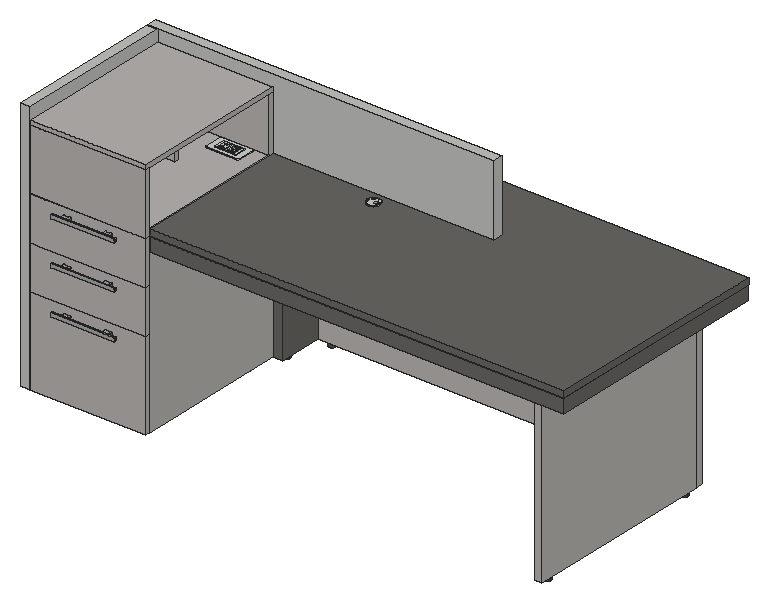
Revit family "Table-Teknion-CWRC_Reception_Classic_Desk-R2016", category Furniture, Revit 2018
Family settings
  OmniClass Number = 23.40.20.00
  OmniClass Title = General Furniture and Specialties
  Work Plane-Based = No
  Always vertical = Yes
  Cut with Voids When Loaded = No
  Shared = Yes
  Room Calculation Point = No
Parameters (values of type "Left, Box/Box/File Storage")
  Worksurface Finish [instance] = Wood - Teknion - DZ - Truffle
  Handle Finish [instance] = Paint - Teknion - Mica - Titanium Grey
  Grommet Offset [instance] = if(Width = 120", 26.258", if(Width = 108", 23.258", if(Width = 96", 20.258", 17.258")))  # 17.258"
  Divider Screen Finish [instance] = Laminate - Teknion - RV - Very White
  Base & Storage Finish [instance] = Veneer-Teknion-5S-Flintwood-Silverwash
  Width [instance] = 84"
  Warranty = "http://www.teknion.com/ca/papers/legal-canada"
  Unit Weight URL = "http://www.teknion.com/ca/tools/assets#&asset=bee6a381-b954-425e-8283-5a2de3a804f2,f828d448-4b62-4231-9e5f-9a8991c0ed77"
  URL = "www.teknion.com"
  To render, please download texture images found here [instance] = "https://assets.teknion.com/web/5e81352c1dfdb467/revit-material-swatches/"
  Sustainability Data = "https://www.teknion.com/ca/tools/assets#&topic=216f99a5-57a0-44fc-b10a-9dee9b29ae4c&asset=444deb64-fe58-4b68-981e-f75e97781df7,b4ff2d81-9f2e-437d-9659-7cffb09c31cf"
  Series = "Custom Wood"  # constant formula
  Screen Edge offset [instance] = if(Width = 84", 30", if(Width = 96", 36", if(Width = 108", 42", 48")))  # 30"
  Right = no
  RF = no
  RB = no
  Product Page URL = "https://www.teknion.com/ca/products/product-details?productLineId=0d82026f-8e7a-673b-a6c8-ff05004460c4"
  Product Line = "Reception"  # constant formula
  Product Documentation Link = "https://assets.teknion.com/m/148e0412a085a50e/original/Teknion-Reception-Sell-Sheet.pdf"
  Part Number = "CWRC"
  Overhang Offset [instance] = if(and(Overhang, not(Width = 84")), 18", 4")  # 4"
  Overhang Note [instance] = "Overhang option not available for 84 Inch Width"  # constant formula
  Overhang [instance] = no
  Model = "CWRC36_____LB"
  Manufacturer Phone = "416-661-3370"  # constant formula
  Manufacturer Fax = "416.661.4586"  # constant formula
  Manufacturer Contact Information = "http://www.teknion.com/ca/contactus"
  Manufacturer Address = "1150 Flint Road, Toronto, ON. M3J 2J5. Canada"  # constant formula
  Manufacturer = "Teknion"  # constant formula
  Left = yes
  LF = no
  LB = yes
  How To Use Teknion Materials User Guide [instance] = "https://assets.teknion.com/m/205dd0a49fa58060/original/How-to-add-a-Material-Library-and-Texture-Images-to-your-Revit-project.pdf"
  For Additional Finishes, please visit [instance] = "https://assets.teknion.com/m/44a8009b046e5d47/original/Teknion_Materials_Library.zip"
  Description = "Teknion Reception, Classic Desk, 36\" Depth, Left, Box/Box/File Storage"
  Depth = 36.803"  # constant formula
  Available Widths [instance] = if(Overhang, "96,108, and 120 Inches", "84, 96, 108, and 120 Inches")  # "84, 96, 108, and 120 Inches"
  Assembly Code = "E2020200"
Reference planes (in)
  plane 1 "Center Front/Back": y = 0
  plane 2: z = 0
  plane 3 "Center Left/Right": x = 0
  plane 4 "Left": x = -42
  plane 5 "Right": x = 42
  plane 6 "Back": y = 18.4015
  plane 7 "Front": y = -18.4015
  plane 8 "Top": z = 40
  plane 9: x = -38
  plane 10: x = 38
  plane 11: x = -12
  plane 12: x = 12
  plane 13: z = 0.5
  plane 14: z = 29.00043
  plane 15: z = 27.965
  plane 16: x = -5.258
  plane 17: x = 5.258
Forms (in)
  Sweep 1, solid, material "Laminate - Teknion - RV - Very White" <- "Divider Screen Finish", visible <- "Left"
    path origin (0, 0, 0) x (1, 0, 0) y (0, 0, 1)
      loop
        line (0, 0.5) -> (0, 40)
    profile origin (0, 0, 20.25) x (-1, 0, 0) y (0, -1, 0)
      loop
        line (42, -6.40165) -> (42, 18.4015) -> (40.46063, 18.4015) -> (40.46063, -6.40165) -> (42, -6.40165)
  Sweep 2, solid, material "Laminate - Teknion - RV - Very White" <- "Divider Screen Finish", visible <- "Right"
    path origin (0, 0, 0) x (1, 0, 0) y (0, 0, 1)
      loop
        line (0, 0.5) -> (0, 40)
    profile origin (0, 0, 20.25) x (-1, 0, 0) y (0, -1, 0)
      loop
        line (-42, -6.40165) -> (-40.46063, -6.40165) -> (-40.46063, 18.4015) -> (-42, 18.4015) -> (-42, -6.40165)
  Sweep 3, solid, material "Laminate - Teknion - RV - Very White" <- "Divider Screen Finish", visible <- "Left"
    path origin (0, 0, 0) x (1, 0, 0) y (0, 0, 1)
      loop
        line (0, 0.5) -> (0, 40)
    profile origin (0, 0, 20.25) x (-1, 0, 0) y (0, -1, 0)
      loop
        line (42, -7.94102) -> (42, -6.40165) -> (22.51575, -6.40165) -> (22.51575, -7.94102) -> (42, -7.94102)
  Sweep 4, solid, material "Laminate - Teknion - RV - Very White" <- "Divider Screen Finish", visible <- "Right"
    path origin (0, 0, 0) x (1, 0, 0) y (0, 0, 1)
      loop
        line (0, 0.5) -> (0, 40)
    profile origin (0, 0, 20.25) x (-1, 0, 0) y (0, -1, 0)
      loop
        line (-42, -7.94102) -> (-22.51575, -7.94102) -> (-22.51575, -6.40165) -> (-42, -6.40165) -> (-42, -7.94102)
  Sweep 5, solid, material "Wood - Teknion - DZ - Truffle" <- "Worksurface Finish", visible <- "Left"
    path origin (0, 0, 0) x (1, 0, 0) y (0, 0, 1)
      loop
        line (0, 0.5) -> (0, 27.965)
    profile origin (0, 0, 14.2325) x (-1, 0, 0) y (0, -1, 0)
      loop
        line (22.51575, -18.4015) -> (22.51575, -6.40165) -> (20.97638, -6.40165) -> (20.97638, -18.4015) -> (22.51575, -18.4015)
  Sweep 6, solid, material "Wood - Teknion - DZ - Truffle" <- "Worksurface Finish", visible <- "Right"
    path origin (0, 0, 0) x (1, 0, 0) y (0, 0, 1)
      loop
        line (0, 0.5) -> (0, 27.965)
    profile origin (0, 0, 14.2325) x (-1, 0, 0) y (0, -1, 0)
      loop
        line (-22.51575, -18.4015) -> (-20.97638, -18.4015) -> (-20.97638, -6.40165) -> (-22.51575, -6.40165) -> (-22.51575, -18.4015)
  Sweep 7, solid, material "Laminate - Teknion - RV - Very White" <- "Divider Screen Finish", visible <- "Left"
    path origin (0, 0, 0) x (1, 0, 0) y (0, 0, 1)
      loop
        line (0, 29.00043) -> (0, 40)
    profile origin (0, 0, 34.50022) x (-1, 0, 0) y (0, -1, 0)
      loop
        line (22.51575, -7.94102) -> (22.51575, -6.40165) -> (-12, -6.40165) -> (-12, -7.94102) -> (22.51575, -7.94102)
  Sweep 8, solid, material "Laminate - Teknion - RV - Very White" <- "Divider Screen Finish", visible <- "Right"
    path origin (0, 0, 0) x (1, 0, 0) y (0, 0, 1)
      loop
        line (0, 29.00043) -> (0, 40)
    profile origin (0, 0, 34.50022) x (-1, 0, 0) y (0, -1, 0)
      loop
        line (-22.51575, -7.94102) -> (12, -7.94102) -> (12, -6.40165) -> (-22.51575, -6.40165) -> (-22.51575, -7.94102)
  Sweep 9, solid, material "Wood - Teknion - DZ - Truffle" <- "Worksurface Finish", visible <- "Left"
    path origin (0, 0, 0) x (1, 0, 0) y (0, 0, 1)
      loop
        line (0, 27.965) -> (0, 29.00043)
    profile origin (0, 0, 28.48272) x (-1, 0, 0) y (0, -1, 0)
      loop
        line (22.51575, -18.4015) -> (22.51575, 17.59835) -> (-42, 17.59835) -> (-42, -18.4015) -> (22.51575, -18.4015)
  Sweep 10, solid, material "Wood - Teknion - DZ - Truffle" <- "Worksurface Finish", visible <- "Right"
    path origin (0, 0, 0) x (1, 0, 0) y (0, 0, 1)
      loop
        line (0, 27.965) -> (0, 29.00043)
    profile origin (0, 0, 28.48272) x (-1, 0, 0) y (0, -1, 0)
      loop
        line (-22.51575, -18.4015) -> (42, -18.4015) -> (42, 17.59835) -> (-22.51575, 17.59835) -> (-22.51575, -18.4015)
  Sweep 11, solid, material "Wood - Teknion - DZ - Truffle" <- "Worksurface Finish", visible <- "Left"
    path origin (0, 0, 0) x (1, 0, 0) y (0, 1, 0)
      loop
        line (-22.51575, -17.59835) -> (42, -17.59835) -> (42, 18.4015) -> (-20.97638, 18.4015)
    profile origin (9.74213, -17.59835, 0) x (0, 1, 0) y (0, 0, 1)
      loop
        line (0.29528, 27.965) -> (0.29528, 27.84646) -> (0.05906, 27.84646) -> (0.05906, 25.71457) -> (0.77953, 25.71457) -> (0.77953, 27.965) -> (0.29528, 27.965)
  Sweep 12, solid, material "Wood - Teknion - DZ - Truffle" <- "Worksurface Finish", visible <- "Right"
    path origin (0, 0, 0) x (1, 0, 0) y (0, 1, 0)
      loop
        line (22.51575, -17.59835) -> (-42, -17.59835) -> (-42, 18.4015) -> (20.97638, 18.4015)
    profile origin (-9.74213, -17.59835, 0) x (0, -1, 0) y (0, 0, 1)
      loop
        line (-0.77953, 27.965) -> (-0.77953, 25.71457) -> (-0.05906, 25.71457) -> (-0.05906, 27.84646) -> (-0.29528, 27.84646) -> (-0.29528, 27.965) -> (-0.77953, 27.965)
  Sweep 13, solid, material "Veneer-Teknion-5S-Flintwood-Silverwash" <- "Base & Storage Finish", visible <- "Left"
    path origin (0, 0, 0) x (1, 0, 0) y (0, 0, 1)
      loop
        line (0, 0.5) -> (0, 27.965)
    profile origin (0, 0, 14.2325) x (-1, 0, 0) y (0, -1, 0)
      loop
        line (20.97638, -14.40165) -> (20.97638, -13.36228) -> (-38, -13.36228) -> (-38, -14.40165) -> (20.97638, -14.40165)
  Sweep 14, solid, material "Veneer-Teknion-5S-Flintwood-Silverwash" <- "Base & Storage Finish", visible <- "Right"
    path origin (0, 0, 0) x (1, 0, 0) y (0, 0, 1)
      loop
        line (0, 0.5) -> (0, 27.965)
    profile origin (0, 0, 14.2325) x (-1, 0, 0) y (0, -1, 0)
      loop
        line (-20.97638, -14.40165) -> (38, -14.40165) -> (38, -13.36228) -> (-20.97638, -13.36228) -> (-20.97638, -14.40165)
  Sweep 15, solid, material "Veneer-Teknion-5S-Flintwood-Silverwash" <- "Base & Storage Finish", visible <- "Left"
    path origin (0, 0, 0) x (1, 0, 0) y (0, 0, 1)
      loop
        line (0, 0.5) -> (0, 27.965)
    profile origin (0, 0, 14.2325) x (-1, 0, 0) y (0, -1, 0)
      loop
        line (-36.96063, -13.36228) -> (-36.96063, 16.81882) -> (-38, 16.81882) -> (-38, -13.36228) -> (-36.96063, -13.36228)
  Sweep 16, solid, material "Veneer-Teknion-5S-Flintwood-Silverwash" <- "Base & Storage Finish", visible <- "Right"
    path origin (0, 0, 0) x (1, 0, 0) y (0, 0, 1)
      loop
        line (0, 0.5) -> (0, 27.965)
    profile origin (0, 0, 14.2325) x (-1, 0, 0) y (0, -1, 0)
      loop
        line (36.96063, -13.36228) -> (38, -13.36228) -> (38, 16.81882) -> (36.96063, 16.81882) -> (36.96063, -13.36228)
  Sweep 17, solid, material "Veneer-Teknion-5S-Flintwood-Silverwash" <- "Base & Storage Finish", visible <- "Left"
    path origin (0, 0, 0) x (1, 0, 0) y (0, 0, 1)
      loop
        line (0, 0.5) -> (0, 27.965)
    profile origin (0, 0, 14.2325) x (-1, 0, 0) y (0, -1, 0)
      loop
        line (23.24016, -6.40165) -> (23.24016, 17.59835) -> (22.51575, 17.59835) -> (22.51575, -6.40165) -> (23.24016, -6.40165)
      loop
        line (39.73622, -6.40165) -> (40.46063, -6.40165) -> (40.46063, 17.59835) -> (39.73622, 17.59835) -> (39.73622, -6.40165)
  Sweep 18, solid, material "Veneer-Teknion-5S-Flintwood-Silverwash" <- "Base & Storage Finish", visible <- "Right"
    path origin (0, 0, 0) x (1, 0, 0) y (0, 0, 1)
      loop
        line (0, 0.5) -> (0, 27.965)
    profile origin (0, 0, 14.2325) x (-1, 0, 0) y (0, -1, 0)
      loop
        line (-23.24016, -6.40165) -> (-22.51575, -6.40165) -> (-22.51575, 17.59835) -> (-23.24016, 17.59835) -> (-23.24016, -6.40165)
      loop
        line (-39.73622, -6.40165) -> (-39.73622, 17.59835) -> (-40.46063, 17.59835) -> (-40.46063, -6.40165) -> (-39.73622, -6.40165)
  Sweep 19, solid, material "Veneer-Teknion-5S-Flintwood-Silverwash" <- "Base & Storage Finish", visible <- "Left"
    path origin (0, 0, 0) x (1, 0, 0) y (0, 0, 1)
      loop
        line (0, 27.965) -> (0, 37.52559)
    profile origin (0, 0, 32.7453) x (-1, 0, 0) y (0, -1, 0)
      loop
        line (40.46063, -6.40165) -> (40.46063, 17.67709) -> (39.73622, 17.67709) -> (39.73622, -6.40165) -> (40.46063, -6.40165)
  Sweep 20, solid, material "Veneer-Teknion-5S-Flintwood-Silverwash" <- "Base & Storage Finish", visible <- "Right"
    path origin (0, 0, 0) x (1, 0, 0) y (0, 0, 1)
      loop
        line (0, 27.965) -> (0, 37.52559)
    profile origin (0, 0, 32.7453) x (-1, 0, 0) y (0, -1, 0)
      loop
        line (-40.46063, -6.40165) -> (-39.73622, -6.40165) -> (-39.73622, 17.67709) -> (-40.46063, 17.67709) -> (-40.46063, -6.40165)
  Sweep 21, solid, material "Veneer-Teknion-5S-Flintwood-Silverwash" <- "Base & Storage Finish", visible <- "Left"
    path origin (0, 0, 0) x (1, 0, 0) y (0, 0, 1)
      loop
        line (0, 27.965) -> (0, 29.00043)
    profile origin (0, 0, 28.48272) x (-1, 0, 0) y (0, -1, 0)
      loop
        line (39.73622, -5.67724) -> (39.73622, 17.67709) -> (22.51575, 17.67709) -> (22.51575, -5.67724) -> (39.73622, -5.67724)
  Sweep 22, solid, material "Veneer-Teknion-5S-Flintwood-Silverwash" <- "Base & Storage Finish", visible <- "Right"
    path origin (0, 0, 0) x (1, 0, 0) y (0, 0, 1)
      loop
        line (0, 27.965) -> (0, 29.00043)
    profile origin (0, 0, 28.48272) x (-1, 0, 0) y (0, -1, 0)
      loop
        line (-22.51575, -5.67724) -> (-22.51575, 17.67709) -> (-39.73622, 17.67709) -> (-39.73622, -5.67724) -> (-22.51575, -5.67724)
  Sweep 23, solid, material "Veneer-Teknion-5S-Flintwood-Silverwash" <- "Base & Storage Finish", visible <- "Left"
    path origin (0, 0, 0) x (1, 0, 0) y (0, 0, 1)
      loop
        line (0, 27.965) -> (0, 37.52559)
    profile origin (0, 0, 32.7453) x (-1, 0, 0) y (0, -1, 0)
      loop
        line (39.73622, -6.40165) -> (39.73622, -5.67724) -> (22.51575, -5.67724) -> (22.51575, -6.40165) -> (39.73622, -6.40165)
  Sweep 24, solid, material "Veneer-Teknion-5S-Flintwood-Silverwash" <- "Base & Storage Finish", visible <- "Right"
    path origin (0, 0, 0) x (1, 0, 0) y (0, 0, 1)
      loop
        line (0, 27.965) -> (0, 37.52559)
    profile origin (0, 0, 32.7453) x (-1, 0, 0) y (0, -1, 0)
      loop
        line (-39.73622, -5.67724) -> (-39.73622, -6.40165) -> (-22.51575, -6.40165) -> (-22.51575, -5.67724) -> (-39.73622, -5.67724)
  Sweep 25, solid, material "Veneer-Teknion-5S-Flintwood-Silverwash" <- "Base & Storage Finish", visible <- "Left"
    path origin (0, 0, 0) x (1, 0, 0) y (0, 0, 1)
      loop
        line (0, 37.52559) -> (0, 38.25)
    profile origin (0, 0, 37.8878) x (-1, 0, 0) y (0, -1, 0)
      loop
        line (40.46063, -6.40165) -> (40.46063, 18.4015) -> (22.51575, 18.4015) -> (22.51575, -6.40165) -> (40.46063, -6.40165)
  Sweep 26, solid, material "Veneer-Teknion-5S-Flintwood-Silverwash" <- "Base & Storage Finish", visible <- "Right"
    path origin (0, 0, 0) x (1, 0, 0) y (0, 0, 1)
      loop
        line (0, 37.52559) -> (0, 38.25)
    profile origin (0, 0, 37.8878) x (-1, 0, 0) y (0, -1, 0)
      loop
        line (-40.46063, -6.40165) -> (-22.51575, -6.40165) -> (-22.51575, 18.4015) -> (-40.46063, 18.4015) -> (-40.46063, -6.40165)
  Sweep 27, solid, material "Veneer-Teknion-5S-Flintwood-Silverwash" <- "Base & Storage Finish", visible <- "Left"
    path origin (0, 0, 0) x (1, 0, 0) y (0, 0, 1)
      loop
        line (0, 29.00043) -> (0, 37.52559)
    profile origin (0, 0, 33.26301) x (-1, 0, 0) y (0, -1, 0)
      loop
        line (39.73622, 2.14953) -> (39.73622, 2.67709) -> (30.48622, 2.67709) -> (30.48622, 2.14953) -> (39.73622, 2.14953)
  Sweep 28, solid, material "Veneer-Teknion-5S-Flintwood-Silverwash" <- "Base & Storage Finish", visible <- "Right"
    path origin (0, 0, 0) x (1, 0, 0) y (0, 0, 1)
      loop
        line (0, 29.00043) -> (0, 37.52559)
    profile origin (0, 0, 33.26301) x (-1, 0, 0) y (0, -1, 0)
      loop
        line (-39.73622, 2.14953) -> (-30.48622, 2.14953) -> (-30.48622, 2.67709) -> (-39.73622, 2.67709) -> (-39.73622, 2.14953)
  Sweep 29, solid, material "Veneer-Teknion-5S-Flintwood-Silverwash" <- "Base & Storage Finish", visible <- "Left"
    path origin (0, 0, 0) x (1, 0, 0) y (0, 0, 1)
      loop
        line (0, 32.99923) -> (0, 33.52679)
    profile origin (0, 0, 33.26301) x (-1, 0, 0) y (0, -1, 0)
      loop
        line (30.48622, 2.67709) -> (39.73622, 2.67709) -> (39.73622, 17.67709) -> (30.48622, 17.67709) -> (30.48622, 2.67709)
  Sweep 30, solid, material "Veneer-Teknion-5S-Flintwood-Silverwash" <- "Base & Storage Finish", visible <- "Right"
    path origin (0, 0, 0) x (1, 0, 0) y (0, 0, 1)
      loop
        line (0, 33.52679) -> (0, 32.99923)
    profile origin (0, 0, 33.26301) x (0, -1, 0) y (1, 0, 0)
      loop
        line (2.67709, 30.48622) -> (17.67709, 30.48622) -> (17.67709, 39.73622) -> (2.67709, 39.73622) -> (2.67709, 30.48622)
  Sweep 31, solid, material "Veneer-Teknion-5S-Flintwood-Silverwash" <- "Base & Storage Finish", visible <- "LB"
    path origin (0, 0, 0) x (1, 0, 0) y (0, 1, 0)
      loop
        line (0, -18.4015) -> (0, -17.67709)
    profile origin (0, -18.0393, 0) x (-1, 0, 0) y (0, 0, 1)
      loop
        line (40.46063, 37.52559) -> (22.51575, 37.52559) -> (22.51575, 27.965) -> (40.46063, 27.965) -> (40.46063, 37.52559)
      loop
        line (22.51575, 27.88626) -> (22.51575, 21.10432) -> (40.46063, 21.10432) -> (40.46063, 27.88626) -> (22.51575, 27.88626)
      loop
        line (40.46063, 21.01444) -> (22.51575, 21.01444) -> (22.51575, 14.2325) -> (40.46063, 14.2325) -> (40.46063, 21.01444)
      loop
        line (22.51575, 14.15376) -> (22.51575, 0.5) -> (40.46063, 0.5) -> (40.46063, 14.15376) -> (22.51575, 14.15376)
  Sweep 32, solid, material "Veneer-Teknion-5S-Flintwood-Silverwash" <- "Base & Storage Finish", visible <- "RB"
    path origin (0, 0, 0) x (1, 0, 0) y (0, 1, 0)
      loop
        line (0, -18.4015) -> (0, -17.67709)
    profile origin (0, -18.0393, 0) x (-1, 0, 0) y (0, 0, 1)
      loop
        line (-22.51575, 14.15376) -> (-40.46063, 14.15376) -> (-40.46063, 0.5) -> (-22.51575, 0.5) -> (-22.51575, 14.15376)
      loop
        line (-40.46063, 14.2325) -> (-22.51575, 14.2325) -> (-22.51575, 21.01444) -> (-40.46063, 21.01444) -> (-40.46063, 14.2325)
      loop
        line (-40.46063, 21.10432) -> (-22.51575, 21.10432) -> (-22.51575, 27.88626) -> (-40.46063, 27.88626) -> (-40.46063, 21.10432)
      loop
        line (-22.51575, 27.965) -> (-22.51575, 37.52559) -> (-40.46063, 37.52559) -> (-40.46063, 27.965) -> (-22.51575, 27.965)
  Sweep 33, solid, material "Veneer-Teknion-5S-Flintwood-Silverwash" <- "Base & Storage Finish", visible <- "LF"
    path origin (0, 0, 0) x (1, 0, 0) y (0, 1, 0)
      loop
        line (0, -18.4015) -> (0, -17.67709)
    profile origin (0, -18.0393, 0) x (-1, 0, 0) y (0, 0, 1)
      loop
        line (40.46063, 14.15376) -> (22.51575, 14.15376) -> (22.51575, 0.5) -> (40.46063, 0.5) -> (40.46063, 14.15376)
      loop
        line (22.51575, 27.88626) -> (22.51575, 14.2325) -> (40.46063, 14.2325) -> (40.46063, 27.88626) -> (22.51575, 27.88626)
      loop
        line (40.46063, 27.965) -> (40.46063, 37.52559) -> (22.51575, 37.52559) -> (22.51575, 27.965) -> (40.46063, 27.965)
  Sweep 34, solid, material "Veneer-Teknion-5S-Flintwood-Silverwash" <- "Base & Storage Finish", visible <- "RF"
    path origin (0, 0, 0) x (1, 0, 0) y (0, 1, 0)
      loop
        line (0, -18.4015) -> (0, -17.67709)
    profile origin (0, -18.0393, 0) x (-1, 0, 0) y (0, 0, 1)
      loop
        line (-22.51575, 14.15376) -> (-40.46063, 14.15376) -> (-40.46063, 0.5) -> (-22.51575, 0.5) -> (-22.51575, 14.15376)
      loop
        line (-40.46063, 14.2325) -> (-22.51575, 14.2325) -> (-22.51575, 27.88626) -> (-40.46063, 27.88626) -> (-40.46063, 14.2325)
      loop
        line (-40.46063, 37.52559) -> (-40.46063, 27.965) -> (-22.51575, 27.965) -> (-22.51575, 37.52559) -> (-40.46063, 37.52559)
  Sweep 35, solid, material "Veneer-Teknion-5S-Flintwood-Silverwash" <- "Base & Storage Finish", visible <- "Left"
    path origin (0, 0, 0) x (1, 0, 0) y (0, 1, 0)
      loop
        line (-23.24016, 0) -> (-39.73622, 0)
    profile origin (-31.48819, 0, 0) x (0, -1, 0) y (0, 0, 1)
      loop
        line (-3.67724, 1.22441) -> (-3.67724, 0.5) -> (17.59835, 0.5) -> (17.59835, 1.22441) -> (-3.67724, 1.22441)
      loop
        line (-4.40165, 27.24059) -> (17.59835, 27.24059) -> (17.59835, 27.965) -> (-4.40165, 27.965) -> (-4.40165, 27.24059)
  Sweep 36, solid, material "Veneer-Teknion-5S-Flintwood-Silverwash" <- "Base & Storage Finish", visible <- "Right"
    path origin (0, 0, 0) x (1, 0, 0) y (0, 1, 0)
      loop
        line (23.24016, 0) -> (39.73622, 0)
    profile origin (31.48819, 0, 0) x (0, 1, 0) y (0, 0, 1)
      loop
        line (4.40165, 27.24059) -> (4.40165, 27.965) -> (-17.59835, 27.965) -> (-17.59835, 27.24059) -> (4.40165, 27.24059)
      loop
        line (-17.59835, 1.22441) -> (-17.59835, 0.5) -> (3.67724, 0.5) -> (3.67724, 1.22441) -> (-17.59835, 1.22441)
  Sweep 37, solid, material "Veneer-Teknion-5S-Flintwood-Silverwash" <- "Base & Storage Finish", visible <- "Left"
    path origin (0, 0, 0) x (1, 0, 0) y (0, 0, 1)
      loop
        line (0, 0.5) -> (0, 27.24059)
    profile origin (0, 0, 13.8703) x (-1, 0, 0) y (0, -1, 0)
      loop
        line (39.73622, -4.40165) -> (39.73622, -3.67724) -> (23.24016, -3.67724) -> (23.24016, -4.40165) -> (39.73622, -4.40165)
  Sweep 38, solid, material "Veneer-Teknion-5S-Flintwood-Silverwash" <- "Base & Storage Finish", visible <- "Right"
    path origin (0, 0, 0) x (1, 0, 0) y (0, 0, 1)
      loop
        line (0, 0.5) -> (0, 27.24059)
    profile origin (0, 0, 13.8703) x (-1, 0, 0) y (0, -1, 0)
      loop
        line (-23.24016, -4.40165) -> (-23.24016, -3.67724) -> (-39.73622, -3.67724) -> (-39.73622, -4.40165) -> (-23.24016, -4.40165)
  Sweep 39, solid, material "Plastic - Teknion - E - Ebony", visible <- "Left"
    path origin (0, 0, 0) x (1, 0, 0) y (0, 0, 1)
      loop
        line (0, 0) -> (0, 0.5)
    profile origin (0, 0, 0.25) x (-1, 0, 0) y (0, -1, 0)
      loop
        circle (41.23031, 16.62985) r 0.5
      loop
        circle (39.39173, 15.74796) r 0.5
      loop
        circle (41.23031, -4.63) r 0.5
      loop
        circle (40.22835, -7.17133) r 0.5
      loop
        circle (39.39173, -2.62921) r 0.5
      loop
        circle (23.58465, 15.74796) r 0.5
      loop
        circle (23.58465, -2.62921) r 0.5
      loop
        circle (24.2874, -7.17133) r 0.5
      loop
        circle (21.74606, -8.1733) r 0.5
      loop
        circle (21.74606, -16.63) r 0.5
      loop
        circle (19.20472, -13.88196) r 0.5
      loop
        circle (-36.22835, -13.88196) r 0.5
      loop
        circle (-37.48031, -11.59063) r 0.5
      loop
        circle (-37.48031, 15.04717) r 0.5
  Sweep 40, solid, material "Plastic - Teknion - E - Ebony", visible <- "Right"
    path origin (0, 0, 0) x (1, 0, 0) y (0, 0, 1)
      loop
        line (0, 0) -> (0, 0.5)
    profile origin (0, 0, 0.25) x (-1, 0, 0) y (0, -1, 0)
      loop
        circle (-41.23031, 16.62985) r 0.5
      loop
        circle (-39.39173, 15.74796) r 0.5
      loop
        circle (-41.23031, -4.63) r 0.5
      loop
        circle (-40.22835, -7.17133) r 0.5
      loop
        circle (-39.39173, -2.62921) r 0.5
      loop
        circle (-23.58465, 15.74796) r 0.5
      loop
        circle (-23.58465, -2.62921) r 0.5
      loop
        circle (-24.2874, -7.17133) r 0.5
      loop
        circle (-21.74606, -8.1733) r 0.5
      loop
        circle (-21.74606, -16.63) r 0.5
      loop
        circle (-19.20472, -13.88196) r 0.5
      loop
        circle (36.22835, -13.88196) r 0.5
      loop
        circle (37.48031, -11.59063) r 0.5
      loop
        circle (37.48031, 15.04717) r 0.5
  Sweep 41, solid, material "Veneer-Teknion-5S-Flintwood-Silverwash" <- "Base & Storage Finish", visible <- "Left"
    path origin (0, 0, 0) x (1, 0, 0) y (0, 1, 0)
      loop
        line (0, -0.11425) -> (0, 0.91725)
    profile origin (0, 0.4015, 0) x (-1, 0, 0) y (0, 0, 1)
      loop
        line (22.51575, 27.965) -> (-36.96063, 27.965) -> (-36.96063, 25.71457) -> (22.51575, 25.71457) -> (22.51575, 27.965)
      loop
        line (-38, 27.965) -> (-41.22047, 27.965) -> (-41.22047, 25.71457) -> (-38, 25.71457) -> (-38, 27.965)
  Sweep 42, solid, material "Veneer-Teknion-5S-Flintwood-Silverwash" <- "Base & Storage Finish", visible <- "Right"
    path origin (0, 0, 0) x (1, 0, 0) y (0, 1, 0)
      loop
        line (0, -0.11425) -> (0, 0.91725)
    profile origin (0, 0.4015, 0) x (-1, 0, 0) y (0, 0, 1)
      loop
        line (41.22047, 27.965) -> (38, 27.965) -> (38, 25.71457) -> (41.22047, 25.71457) -> (41.22047, 27.965)
      loop
        line (36.96063, 27.965) -> (-22.51575, 27.965) -> (-22.51575, 25.71457) -> (36.96063, 25.71457) -> (36.96063, 27.965)
  Sweep 43, solid, material "Paint - Teknion - Mica - Titanium Grey" <- "Handle Finish", visible <- "Left"
    path origin (0, 0, 0) x (1, 0, 0) y (0, 1, 0)
      loop
        line (0, -18.4015) -> (0, -19.11591)
    profile origin (0, -18.75871, 0) x (1, 0, 0) y (0, 0, 1)
      loop
        line (-35.11024, 26.38262) -> (-34.32283, 26.38262)
        arc (-34.32283, 26.38262) -> (-34.22183, 26.42445) -> (-34.18, 26.52545) r 0.14284
        line (-34.18, 26.52545) -> (-34.18, 26.64864)
        arc (-34.18, 26.64864) -> (-34.22183, 26.74964) -> (-34.32283, 26.79148) r 0.14284
        line (-34.32283, 26.79148) -> (-35.11024, 26.79148)
        arc (-35.11024, 26.79148) -> (-35.21124, 26.74964) -> (-35.25307, 26.64864) r 0.14284
        line (-35.25307, 26.64864) -> (-35.25307, 26.52545)
        arc (-35.25307, 26.52545) -> (-35.21124, 26.42445) -> (-35.11024, 26.38262) r 0.14284
      loop
        arc (-27.86614, 26.38262) -> (-27.76514, 26.42445) -> (-27.72331, 26.52545) r 0.14284
        line (-27.72331, 26.52545) -> (-27.72331, 26.64864)
        arc (-27.72331, 26.64864) -> (-27.76514, 26.74964) -> (-27.86614, 26.79148) r 0.14284
        line (-27.86614, 26.79148) -> (-28.65354, 26.79148)
        arc (-28.65354, 26.79148) -> (-28.75454, 26.74964) -> (-28.79638, 26.64864) r 0.14284
        line (-28.79638, 26.64864) -> (-28.79638, 26.52545)
        arc (-28.79638, 26.52545) -> (-28.75454, 26.42445) -> (-28.65354, 26.38262) r 0.14284
        line (-28.65354, 26.38262) -> (-27.86614, 26.38262)
      loop
        line (-35.11024, 12.65012) -> (-34.32283, 12.65012)
        arc (-34.32283, 12.65012) -> (-34.22183, 12.69195) -> (-34.18, 12.79295) r 0.14284
        line (-34.18, 12.79295) -> (-34.18, 12.91614)
        arc (-34.18, 12.91614) -> (-34.22183, 13.01714) -> (-34.32283, 13.05898) r 0.14284
        line (-34.32283, 13.05898) -> (-35.11024, 13.05898)
        arc (-35.11024, 13.05898) -> (-35.21124, 13.01714) -> (-35.25307, 12.91614) r 0.14284
        line (-35.25307, 12.91614) -> (-35.25307, 12.79295)
        arc (-35.25307, 12.79295) -> (-35.21124, 12.69195) -> (-35.11024, 12.65012) r 0.14284
      loop
        arc (-27.86614, 12.65012) -> (-27.76514, 12.69195) -> (-27.72331, 12.79295) r 0.14284
        line (-27.72331, 12.79295) -> (-27.72331, 12.91614)
        arc (-27.72331, 12.91614) -> (-27.76514, 13.01714) -> (-27.86614, 13.05898) r 0.14284
        line (-27.86614, 13.05898) -> (-28.65354, 13.05898)
        arc (-28.65354, 13.05898) -> (-28.75454, 13.01714) -> (-28.79638, 12.91614) r 0.14284
        line (-28.79638, 12.91614) -> (-28.79638, 12.79295)
        arc (-28.79638, 12.79295) -> (-28.75454, 12.69195) -> (-28.65354, 12.65012) r 0.14284
        line (-28.65354, 12.65012) -> (-27.86614, 12.65012)
  Sweep 44, solid, material "Paint - Teknion - Mica - Titanium Grey" <- "Handle Finish", visible <- "Right"
    path origin (0, 0, 0) x (1, 0, 0) y (0, 1, 0)
      loop
        line (0, -19.11591) -> (0, -18.4015)
    profile origin (0, -18.75871, 0) x (-1, 0, 0) y (0, 0, 1)
      loop
        line (-35.11024, 26.38262) -> (-34.32283, 26.38262)
        arc (-34.32283, 26.38262) -> (-34.22183, 26.42445) -> (-34.18, 26.52545) r 0.14284
        line (-34.18, 26.52545) -> (-34.18, 26.64864)
        arc (-34.18, 26.64864) -> (-34.22183, 26.74964) -> (-34.32283, 26.79148) r 0.14284
        line (-34.32283, 26.79148) -> (-35.11024, 26.79148)
        arc (-35.11024, 26.79148) -> (-35.21124, 26.74964) -> (-35.25307, 26.64864) r 0.14284
        line (-35.25307, 26.64864) -> (-35.25307, 26.52545)
        arc (-35.25307, 26.52545) -> (-35.21124, 26.42445) -> (-35.11024, 26.38262) r 0.14284
      loop
        line (-28.65354, 26.38262) -> (-27.86614, 26.38262)
        arc (-27.86614, 26.38262) -> (-27.76514, 26.42445) -> (-27.72331, 26.52545) r 0.14284
        line (-27.72331, 26.52545) -> (-27.72331, 26.64864)
        arc (-27.72331, 26.64864) -> (-27.76514, 26.74964) -> (-27.86614, 26.79148) r 0.14284
        line (-27.86614, 26.79148) -> (-28.65354, 26.79148)
        arc (-28.65354, 26.79148) -> (-28.75454, 26.74964) -> (-28.79638, 26.64864) r 0.14284
        line (-28.79638, 26.64864) -> (-28.79638, 26.52545)
        arc (-28.79638, 26.52545) -> (-28.75454, 26.42445) -> (-28.65354, 26.38262) r 0.14284
      loop
        line (-35.11024, 12.65012) -> (-34.32283, 12.65012)
        arc (-34.32283, 12.65012) -> (-34.22183, 12.69195) -> (-34.18, 12.79295) r 0.14284
        line (-34.18, 12.79295) -> (-34.18, 12.91614)
        arc (-34.18, 12.91614) -> (-34.22183, 13.01714) -> (-34.32283, 13.05898) r 0.14284
        line (-34.32283, 13.05898) -> (-35.11024, 13.05898)
        arc (-35.11024, 13.05898) -> (-35.21124, 13.01714) -> (-35.25307, 12.91614) r 0.14284
        line (-35.25307, 12.91614) -> (-35.25307, 12.79295)
        arc (-35.25307, 12.79295) -> (-35.21124, 12.69195) -> (-35.11024, 12.65012) r 0.14284
      loop
        line (-28.65354, 12.65012) -> (-27.86614, 12.65012)
        arc (-27.86614, 12.65012) -> (-27.76514, 12.69195) -> (-27.72331, 12.79295) r 0.14284
        line (-27.72331, 12.79295) -> (-27.72331, 12.91614)
        arc (-27.72331, 12.91614) -> (-27.76514, 13.01714) -> (-27.86614, 13.05898) r 0.14284
        line (-27.86614, 13.05898) -> (-28.65354, 13.05898)
        arc (-28.65354, 13.05898) -> (-28.75454, 13.01714) -> (-28.79638, 12.91614) r 0.14284
        line (-28.79638, 12.91614) -> (-28.79638, 12.79295)
        arc (-28.79638, 12.79295) -> (-28.75454, 12.69195) -> (-28.65354, 12.65012) r 0.14284
  Sweep 45, solid, material "Paint - Teknion - Mica - Titanium Grey" <- "Handle Finish", visible <- "LB"
    path origin (0, 0, 0) x (1, 0, 0) y (0, 1, 0)
      loop
        line (0, -18.4015) -> (0, -19.11591)
    profile origin (0, -18.75871, 0) x (1, 0, 0) y (0, 0, 1)
      loop
        line (-35.11024, 19.5108) -> (-34.32283, 19.5108)
        arc (-34.32283, 19.5108) -> (-34.22183, 19.55264) -> (-34.18, 19.65364) r 0.14284
        line (-34.18, 19.65364) -> (-34.18, 19.77682)
        arc (-34.18, 19.77682) -> (-34.22183, 19.87782) -> (-34.32283, 19.91966) r 0.14284
        line (-34.32283, 19.91966) -> (-35.11024, 19.91966)
        arc (-35.11024, 19.91966) -> (-35.21124, 19.87782) -> (-35.25307, 19.77682) r 0.14284
        line (-35.25307, 19.77682) -> (-35.25307, 19.65364)
        arc (-35.25307, 19.65364) -> (-35.21124, 19.55264) -> (-35.11024, 19.5108) r 0.14284
      loop
        arc (-27.86614, 19.5108) -> (-27.76514, 19.55264) -> (-27.72331, 19.65364) r 0.14284
        line (-27.72331, 19.65364) -> (-27.72331, 19.77682)
        arc (-27.72331, 19.77682) -> (-27.76514, 19.87782) -> (-27.86614, 19.91966) r 0.14284
        line (-27.86614, 19.91966) -> (-28.65354, 19.91966)
        arc (-28.65354, 19.91966) -> (-28.75454, 19.87782) -> (-28.79638, 19.77682) r 0.14284
        line (-28.79638, 19.77682) -> (-28.79638, 19.65364)
        arc (-28.79638, 19.65364) -> (-28.75454, 19.55264) -> (-28.65354, 19.5108) r 0.14284
        line (-28.65354, 19.5108) -> (-27.86614, 19.5108)
  Sweep 46, solid, material "Paint - Teknion - Mica - Titanium Grey" <- "Handle Finish", visible <- "RB"
    path origin (0, 0, 0) x (1, 0, 0) y (0, 1, 0)
      loop
        line (0, -18.4015) -> (0, -19.11591)
    profile origin (0, -18.75871, 0) x (1, 0, 0) y (0, 0, 1)
      loop
        arc (34.32283, 19.91966) -> (34.22183, 19.87782) -> (34.18, 19.77682) r 0.14284
        line (34.18, 19.77682) -> (34.18, 19.65364)
        arc (34.18, 19.65364) -> (34.22183, 19.55264) -> (34.32283, 19.5108) r 0.14284
        line (34.32283, 19.5108) -> (35.11024, 19.5108)
        arc (35.11024, 19.5108) -> (35.21124, 19.55264) -> (35.25307, 19.65364) r 0.14284
        line (35.25307, 19.65364) -> (35.25307, 19.77682)
        arc (35.25307, 19.77682) -> (35.21124, 19.87782) -> (35.11024, 19.91966) r 0.14284
        line (35.11024, 19.91966) -> (34.32283, 19.91966)
      loop
        arc (27.86614, 19.91966) -> (27.76514, 19.87782) -> (27.72331, 19.77682) r 0.14284
        line (27.72331, 19.77682) -> (27.72331, 19.65364)
        arc (27.72331, 19.65364) -> (27.76514, 19.55264) -> (27.86614, 19.5108) r 0.14284
        line (27.86614, 19.5108) -> (28.65354, 19.5108)
        arc (28.65354, 19.5108) -> (28.75454, 19.55264) -> (28.79638, 19.65364) r 0.14284
        line (28.79638, 19.65364) -> (28.79638, 19.77682)
        arc (28.79638, 19.77682) -> (28.75454, 19.87782) -> (28.65354, 19.91966) r 0.14284
        line (28.65354, 19.91966) -> (27.86614, 19.91966)
  Sweep 47, solid, material "Paint - Teknion - Mica - Titanium Grey" <- "Handle Finish", visible <- "Left"
    path origin (0, 0, 0) x (1, 0, 0) y (0, 1, 0)
      loop
        line (0, -19.40544) -> (0, -19.11591)
    profile origin (0, -19.26068, 0) x (-1, 0, 0) y (0, 0, 1)
      loop
        line (36.35039, 26.86264) -> (26.62598, 26.86264)
        arc (26.62598, 26.86264) -> (26.52855, 26.82228) -> (26.48819, 26.72484) r 0.1378
        line (26.48819, 26.72484) -> (26.48819, 26.44925)
        arc (26.48819, 26.44925) -> (26.52855, 26.35182) -> (26.62598, 26.31146) r 0.1378
        line (26.62598, 26.31146) -> (36.35039, 26.31146)
        arc (36.35039, 26.31146) -> (36.44783, 26.35182) -> (36.48819, 26.44925) r 0.1378
        line (36.48819, 26.44925) -> (36.48819, 26.72484)
        arc (36.48819, 26.72484) -> (36.44783, 26.82228) -> (36.35039, 26.86264) r 0.1378
      loop
        line (36.35039, 13.13014) -> (26.62598, 13.13014)
        arc (26.62598, 13.13014) -> (26.52855, 13.08978) -> (26.48819, 12.99234) r 0.1378
        line (26.48819, 12.99234) -> (26.48819, 12.71675)
        arc (26.48819, 12.71675) -> (26.52855, 12.61932) -> (26.62598, 12.57896) r 0.1378
        line (26.62598, 12.57896) -> (36.35039, 12.57896)
        arc (36.35039, 12.57896) -> (36.44783, 12.61932) -> (36.48819, 12.71675) r 0.1378
        line (36.48819, 12.71675) -> (36.48819, 12.99234)
        arc (36.48819, 12.99234) -> (36.44783, 13.08978) -> (36.35039, 13.13014) r 0.1378
  Sweep 48, solid, material "Paint - Teknion - Mica - Titanium Grey" <- "Handle Finish", visible <- "LB"
    path origin (0, 0, 0) x (1, 0, 0) y (0, 1, 0)
      loop
        line (0, -19.11591) -> (0, -19.40544)
    profile origin (0, -19.26068, 0) x (1, 0, 0) y (0, 0, 1)
      loop
        line (-36.35039, 19.43964) -> (-26.62598, 19.43964)
        arc (-26.62598, 19.43964) -> (-26.52855, 19.48) -> (-26.48819, 19.57744) r 0.1378
        line (-26.48819, 19.57744) -> (-26.48819, 19.85303)
        arc (-26.48819, 19.85303) -> (-26.52855, 19.95046) -> (-26.62598, 19.99082) r 0.1378
        line (-26.62598, 19.99082) -> (-36.35039, 19.99082)
        arc (-36.35039, 19.99082) -> (-36.44783, 19.95046) -> (-36.48819, 19.85303) r 0.1378
        line (-36.48819, 19.85303) -> (-36.48819, 19.57744)
        arc (-36.48819, 19.57744) -> (-36.44783, 19.48) -> (-36.35039, 19.43964) r 0.1378
  Sweep 49, solid, material "Paint - Teknion - Mica - Titanium Grey" <- "Handle Finish", visible <- "RB"
    path origin (0, 0, 0) x (1, 0, 0) y (0, 1, 0)
      loop
        line (0, -19.40544) -> (0, -19.11591)
    profile origin (0, -19.26068, 0) x (-1, 0, 0) y (0, 0, 1)
      loop
        line (-36.35039, 19.43964) -> (-26.62598, 19.43964)
        arc (-26.62598, 19.43964) -> (-26.52855, 19.48) -> (-26.48819, 19.57744) r 0.1378
        line (-26.48819, 19.57744) -> (-26.48819, 19.85303)
        arc (-26.48819, 19.85303) -> (-26.52855, 19.95046) -> (-26.62598, 19.99082) r 0.1378
        line (-26.62598, 19.99082) -> (-36.35039, 19.99082)
        arc (-36.35039, 19.99082) -> (-36.44783, 19.95046) -> (-36.48819, 19.85303) r 0.1378
        line (-36.48819, 19.85303) -> (-36.48819, 19.57744)
        arc (-36.48819, 19.57744) -> (-36.44783, 19.48) -> (-36.35039, 19.43964) r 0.1378
  Sweep 50, solid, material "Paint - Teknion - Mica - Titanium Grey" <- "Handle Finish", visible <- "Right"
    path origin (0, 0, 0) x (1, 0, 0) y (0, 1, 0)
      loop
        line (0, -19.11591) -> (0, -19.40544)
    profile origin (0, -19.26068, 0) x (1, 0, 0) y (0, 0, 1)
      loop
        arc (36.35039, 26.31146) -> (36.44783, 26.35182) -> (36.48819, 26.44925) r 0.1378
        line (36.48819, 26.44925) -> (36.48819, 26.72484)
        arc (36.48819, 26.72484) -> (36.44783, 26.82228) -> (36.35039, 26.86264) r 0.1378
        line (36.35039, 26.86264) -> (26.62598, 26.86264)
        arc (26.62598, 26.86264) -> (26.52855, 26.82228) -> (26.48819, 26.72484) r 0.1378
        line (26.48819, 26.72484) -> (26.48819, 26.44925)
        arc (26.48819, 26.44925) -> (26.52855, 26.35182) -> (26.62598, 26.31146) r 0.1378
        line (26.62598, 26.31146) -> (36.35039, 26.31146)
      loop
        arc (36.35039, 12.57896) -> (36.44783, 12.61932) -> (36.48819, 12.71675) r 0.1378
        line (36.48819, 12.71675) -> (36.48819, 12.99234)
        arc (36.48819, 12.99234) -> (36.44783, 13.08978) -> (36.35039, 13.13014) r 0.1378
        line (36.35039, 13.13014) -> (26.62598, 13.13014)
        arc (26.62598, 13.13014) -> (26.52855, 13.08978) -> (26.48819, 12.99234) r 0.1378
        line (26.48819, 12.99234) -> (26.48819, 12.71675)
        arc (26.48819, 12.71675) -> (26.52855, 12.61932) -> (26.62598, 12.57896) r 0.1378
        line (26.62598, 12.57896) -> (36.35039, 12.57896)
  Sweep 51, void
    path origin (0, 0, 0) x (1, 0, 0) y (0, 0, 1)
      loop
        line (-5.258, 27.965) -> (-5.258, 29.00043)
    profile origin (-5.258, 0, 28.48272) x (-1, 0, 0) y (0, -1, 0)
      loop
        circle (0, -4.49417) r 1.01181
  Sweep 52, void
    path origin (0, 0, 0) x (1, 0, 0) y (0, 0, 1)
      loop
        line (5.258, 29.00043) -> (5.258, 27.965)
    profile origin (5.258, 0, 28.48272) x (0, -1, 0) y (1, 0, 0)
      loop
        circle (-4.49417, 0) r 1.01181
  Sweep 53, solid, material "Plastic - Teknion - 30 - Grey", visible <- "Left"
    path origin (0, 0, 0) x (1, 0, 0) y (0, 0, 1)
      loop
        line (0, 29.00043) -> (0, 29.10705)
    profile origin (0, 0, 29.05374) x (-1, 0, 0) y (0, -1, 0)
      loop
        line (24.92677, -5.40559) -> (29.55571, -5.40559)
        arc (29.55571, -5.40559) -> (29.73249, -5.33236) -> (29.80571, -5.15559) r 0.25
        line (29.80571, -5.15559) -> (29.80571, -2.65559)
        arc (29.80571, -2.65559) -> (29.73249, -2.47881) -> (29.55571, -2.40559) r 0.25
        line (29.55571, -2.40559) -> (24.92677, -2.40559)
        arc (24.92677, -2.40559) -> (24.74999, -2.47881) -> (24.67677, -2.65559) r 0.25
        line (24.67677, -2.65559) -> (24.67677, -5.15559)
        arc (24.67677, -5.15559) -> (24.74999, -5.33236) -> (24.92677, -5.40559) r 0.25
  Sweep 54, solid, material "Plastic - Teknion - 30 - Grey", visible <- "Left"
    path origin (0, 0, 0) x (1, 0, 0) y (0, 0, 1)
      loop
        line (0, 29.10705) -> (0, 29.16827)
    profile origin (0, 0, 29.13766) x (-1, 0, 0) y (0, -1, 0)
      loop
        line (28.8649, -4.7747) -> (28.8649, -3.0541) -> (25.63155, -3.0541) -> (25.63155, -4.7747) -> (28.8649, -4.7747)
  Sweep 55, solid, material "Plastic - Teknion - 30 - Grey", visible <- "Left"
    path origin (0, 0, 0) x (1, 0, 0) y (0, 0, 1)
      loop
        line (0, 29.16827) -> (0, 29.22233)
    profile origin (0, 0, 29.1953) x (-1, 0, 0) y (0, -1, 0)
      loop
        line (28.52669, -4.45297) -> (28.52669, -3.37084) -> (27.4432, -3.37084) -> (27.4432, -4.45297) -> (28.52669, -4.45297)
      loop
        line (27.04405, -4.45297) -> (27.04405, -3.37084) -> (25.96057, -3.37084) -> (25.96057, -4.45297) -> (27.04405, -4.45297)
      loop
        line (28.1811, -4.21912) -> (28.1811, -4.07633) -> (27.78879, -4.07633) -> (27.78879, -4.21912) -> (28.1811, -4.21912)
      loop
        line (28.1811, -3.74747) -> (28.1811, -3.60468) -> (27.78879, -3.60468) -> (27.78879, -3.74747) -> (28.1811, -3.74747)
      loop
        line (26.8385, -4.3247) -> (26.8385, -3.91177) -> (26.67052, -3.91177) -> (26.67052, -4.3247) -> (26.8385, -4.3247)
      loop
        line (26.34118, -4.28305) -> (26.34118, -3.92955) -> (26.16976, -3.92955) -> (26.16976, -4.28305) -> (26.34118, -4.28305)
      loop
        line (26.62534, -3.4864) -> (26.3616, -3.4864) -> (26.3616, -3.60468)
        arc (26.3616, -3.60468) -> (26.49347, -3.73655) -> (26.62534, -3.60468) r 0.13187
        line (26.62534, -3.60468) -> (26.62534, -3.4864)
  Sweep 56, solid, material "Plastic - Teknion - 30 - Grey", visible <- "Right"
    path origin (0, 0, 0) x (1, 0, 0) y (0, 0, 1)
      loop
        line (0, 29.10705) -> (0, 29.00043)
    profile origin (0, 0, 29.05374) x (0, -1, 0) y (1, 0, 0)
      loop
        line (-5.40559, 29.55173) -> (-5.40559, 24.9228)
        arc (-5.40559, 24.9228) -> (-5.33236, 24.74602) -> (-5.15559, 24.6728) r 0.25
        line (-5.15559, 24.6728) -> (-2.65559, 24.6728)
        arc (-2.65559, 24.6728) -> (-2.47881, 24.74602) -> (-2.40559, 24.9228) r 0.25
        line (-2.40559, 24.9228) -> (-2.40559, 29.55173)
        arc (-2.40559, 29.55173) -> (-2.47881, 29.72851) -> (-2.65559, 29.80173) r 0.25
        line (-2.65559, 29.80173) -> (-5.15559, 29.80173)
        arc (-5.15559, 29.80173) -> (-5.33236, 29.72851) -> (-5.40559, 29.55173) r 0.25
  Sweep 57, solid, material "Plastic - Teknion - 30 - Grey", visible <- "Right"
    path origin (0, 0, 0) x (1, 0, 0) y (0, 0, 1)
      loop
        line (0, 29.16827) -> (0, 29.10705)
    profile origin (0, 0, 29.13766) x (0, -1, 0) y (1, 0, 0)
      loop
        line (-4.7747, 25.6136) -> (-3.0541, 25.6136) -> (-3.0541, 28.84695) -> (-4.7747, 28.84695) -> (-4.7747, 25.6136)
  Sweep 58, solid, material "Plastic - Teknion - 30 - Grey", visible <- "Right"
    path origin (0, 0, 0) x (1, 0, 0) y (0, 0, 1)
      loop
        line (0, 29.16827) -> (0, 29.22233)
    profile origin (0, 0, 29.1953) x (-1, 0, 0) y (0, -1, 0)
      loop
        line (-25.95182, -4.45297) -> (-25.95182, -3.37084) -> (-27.0353, -3.37084) -> (-27.0353, -4.45297) -> (-25.95182, -4.45297)
      loop
        line (-27.43446, -4.45297) -> (-27.43446, -3.37084) -> (-28.51794, -3.37084) -> (-28.51794, -4.45297) -> (-27.43446, -4.45297)
      loop
        line (-26.2974, -4.21912) -> (-26.2974, -4.07633) -> (-26.68972, -4.07633) -> (-26.68972, -4.21912) -> (-26.2974, -4.21912)
      loop
        line (-26.2974, -3.74747) -> (-26.2974, -3.60468) -> (-26.68972, -3.60468) -> (-26.68972, -3.74747) -> (-26.2974, -3.74747)
      loop
        line (-27.64001, -4.3247) -> (-27.64001, -3.91177) -> (-27.80798, -3.91177) -> (-27.80798, -4.3247) -> (-27.64001, -4.3247)
      loop
        line (-28.13732, -4.28305) -> (-28.13732, -3.92955) -> (-28.30875, -3.92955) -> (-28.30875, -4.28305) -> (-28.13732, -4.28305)
      loop
        line (-27.85316, -3.4864) -> (-28.1169, -3.4864) -> (-28.1169, -3.60468)
        arc (-28.1169, -3.60468) -> (-27.98503, -3.73655) -> (-27.85316, -3.60468) r 0.13187
        line (-27.85316, -3.60468) -> (-27.85316, -3.4864)
  Sweep 59, solid, material "Plastic - Teknion - 30 - Grey", visible <- "Left"
    path origin (0, 0, 0) x (1, 0, 0) y (0, 0, 1)
      loop
        line (0, 29.00043) -> (0, 29.07917)
    profile origin (0, 0, 29.0398) x (-1, 0, 0) y (0, -1, 0)
      loop
        line (4.86318, -4.73039) -> (4.29291, -4.73039)
        arc (4.29291, -4.73039) -> (6.25158, -4.49417) -> (4.29291, -4.25795) r 0.99358
        line (4.29291, -4.25795) -> (4.86318, -4.25795)
        arc (4.86318, -4.25795) -> (5.0994, -4.49417) -> (4.86318, -4.73039) r 0.23622
  Sweep 60, solid, material "Plastic - Teknion - 30 - Grey", visible <- "Right"
    path origin (0, 0, 0) x (1, 0, 0) y (0, 0, 1)
      loop
        line (0, 29.00043) -> (0, 29.07917)
    profile origin (0, 0, 29.0398) x (-1, 0, 0) y (0, -1, 0)
      loop
        arc (-5.65282, -4.25795) -> (-5.4166, -4.49417) -> (-5.65282, -4.73039) r 0.23622
        line (-5.65282, -4.73039) -> (-6.22309, -4.73039)
        arc (-6.22309, -4.73039) -> (-4.26442, -4.49417) -> (-6.22309, -4.25795) r 0.99358
        line (-6.22309, -4.25795) -> (-5.65282, -4.25795)
  Sweep 61, solid, material "Plastic - Teknion - 30 - Grey", visible <- "Left"
    path origin (0, 0, 0) x (1, 0, 0) y (0, 0, 1)
      loop
        line (0, 29.00043) -> (0, 28.2524)
    profile origin (0, 0, 28.62642) x (0, -1, 0) y (1, 0, 0)
      loop
        circle (-4.47596, -5.258) r 0.91127
      loop
        circle (-4.47596, -5.258) r 0.82696
  Sweep 62, solid, material "Plastic - Teknion - 30 - Grey", visible <- "Right"
    path origin (0, 0, 0) x (1, 0, 0) y (0, 0, 1)
      loop
        line (0, 28.2524) -> (0, 29.00043)
    profile origin (0, 0, 28.62642) x (-1, 0, 0) y (0, -1, 0)
      loop
        circle (-5.258, -4.47596) r 0.91127
      loop
        circle (-5.258, -4.47596) r 0.82696
Cuts and joins
  joined: Sweep 3, Sweep 7
  joined: Sweep 4, Sweep 8
  Sweep 51 cuts Sweep 9
  Sweep 52 cuts Sweep 10
Lines and regions (in)
  Masking region 1, visible <- "Left"
    outline origin (0, 0, 0) x (1, 0, 0) y (0, 1, 0)
      loop
        line (-22.51575, 18.4015) -> (-22.51575, 7.94102) -> (12, 7.94102) -> (12, 6.40165) -> (-22.51575, 6.40165) -> (-22.51575, -17.59835) -> (42, -17.59835) -> (42, 18.4015) -> (-22.51575, 18.4015)
  Masking region 2, visible <- "Right"
    outline origin (0, 0, 0) x (1, 0, 0) y (0, 1, 0)
      loop
        line (-42, 18.4015) -> (-42, -17.59835) -> (22.51575, -17.59835) -> (22.51575, 6.40165) -> (-12, 6.40165) -> (-12, 7.94102) -> (22.51575, 7.94102) -> (22.51575, 18.4015) -> (-42, 18.4015)
  Masking region 3, visible <- "Left"
    outline origin (0, 0, 0) x (1, 0, 0) y (0, 1, 0)
      loop
        line (12, 7.94102) -> (-42, 7.94102) -> (-42, 6.40165) -> (12, 6.40165) -> (12, 7.94102)
  Masking region 4, visible <- "Right"
    outline origin (0, 0, 0) x (1, 0, 0) y (0, 1, 0)
      loop
        line (-12, 7.94102) -> (-12, 6.40165) -> (42, 6.40165) -> (42, 7.94102) -> (-12, 7.94102)
  Masking region 5, visible <- "Left"
    outline origin (0, 0, 0) x (1, 0, 0) y (0, 1, 0)
      loop
        line (-40.46063, 6.40165) -> (-40.46063, -18.4015) -> (-22.51575, -18.4015) -> (-22.51575, 6.40165) -> (-40.46063, 6.40165)
  Masking region 6, visible <- "Right"
    outline origin (0, 0, 0) x (1, 0, 0) y (0, 1, 0)
      loop
        line (22.51575, 6.40165) -> (22.51575, -18.4015) -> (40.46063, -18.4015) -> (40.46063, 6.40165) -> (22.51575, 6.40165)
  Masking region 7, visible <- "Left"
    outline origin (0, 0, 0) x (1, 0, 0) y (0, 1, 0)
      loop
        line (-35.25307, -18.4015) -> (-35.25307, -19.11591) -> (-34.18, -19.11591) -> (-34.18, -18.4015) -> (-35.25307, -18.4015)
      loop
        line (-28.79638, -18.4015) -> (-28.79638, -19.11591) -> (-27.72331, -19.11591) -> (-27.72331, -18.4015) -> (-28.79638, -18.4015)
  Masking region 8, visible <- "Left"
    outline origin (0, 0, 0) x (1, 0, 0) y (0, 1, 0)
      loop
        line (-36.48819, -19.11591) -> (-36.48819, -19.40544) -> (-26.48819, -19.40544) -> (-26.48819, -19.11591) -> (-36.48819, -19.11591)
  Masking region 9, visible <- "Right"
    outline origin (0, 0, 0) x (1, 0, 0) y (0, 1, 0)
      loop
        line (27.72331, -18.4015) -> (27.72331, -19.11591) -> (28.79638, -19.11591) -> (28.79638, -18.4015) -> (27.72331, -18.4015)
      loop
        line (34.18, -18.4015) -> (34.18, -19.11591) -> (35.25307, -19.11591) -> (35.25307, -18.4015) -> (34.18, -18.4015)
  Masking region 10, visible <- "Right"
    outline origin (0, 0, 0) x (1, 0, 0) y (0, 1, 0)
      loop
        line (26.48819, -19.11591) -> (26.48819, -19.40544) -> (36.48819, -19.40544) -> (36.48819, -19.11591) -> (26.48819, -19.11591)
  Masking region 11, visible <- "Left"
    outline origin (0, 0, 0) x (1, 0, 0) y (0, 1, 0)
      loop
        line (-42, 6.40165) -> (-42, -18.4015) -> (-40.46063, -18.4015) -> (-40.46063, 6.40165) -> (-42, 6.40165)
  Masking region 12, visible <- "Right"
    outline origin (0, 0, 0) x (1, 0, 0) y (0, 1, 0)
      loop
        line (40.46063, 6.40165) -> (40.46063, -18.4015) -> (42, -18.4015) -> (42, 6.40165) -> (40.46063, 6.40165)
  symbolic lines, style "FurnitureHiddenLines", visible <- "Left", detail levels fine
    curve 1: line (41.94094, 18.34244, 0) -> (-20.97638, 18.34244, 0)
    curve 2: line (41.94094, -17.5393, 0) -> (41.94094, 18.34244, 0)
    curve 3: line (-22.51575, -17.5393, 0) -> (41.94094, -17.5393, 0)
    curve 4: line (41.70472, 18.10622, 0) -> (-20.97638, 18.10622, 0)
    curve 5: line (-20.97638, 17.62197, 0) -> (41.22047, 17.62197, 0)
    curve 6: line (41.70472, -17.30307, 0) -> (41.70472, 18.10622, 0)
    curve 7: line (41.22047, 17.62197, 0) -> (41.22047, -16.81882, 0)
    curve 8: line (41.22047, -16.81882, 0) -> (-22.51575, -16.81882, 0)
    curve 9: line (-22.51575, -17.30307, 0) -> (41.70472, -17.30307, 0)
    curve 29: line (-23.24016, 4.40165, 0) -> (-39.73622, 4.40165, 0)
    curve 30: line (-39.73622, 3.67724, 0) -> (-23.24016, 3.67724, 0)
    curve 43: line (-30.48622, -17.67709, 0) -> (-30.48622, -2.67709, 0)
    curve 44: line (-30.48622, -2.14953, 0) -> (-39.73622, -2.14953, 0)
    curve 45: line (-39.73622, -2.67709, 0) -> (-30.48622, -2.67709, 0)
    curve 46: line (-30.48622, -2.67709, 0) -> (-30.48622, -2.14953, 0)
    curve 63: arc (-41.73031, -16.62985, 0) -> (-41.23031, -16.12985, 0) -> (-40.73031, -16.62985, 0) r 0.5
    curve 64: arc (-40.73031, -16.62985, 0) -> (-41.23031, -17.12985, 0) -> (-41.73031, -16.62985, 0) r 0.5
    curve 65: arc (-39.89173, -15.74796, 0) -> (-39.39173, -15.24796, 0) -> (-38.89173, -15.74796, 0) r 0.5
    curve 66: arc (-38.89173, -15.74796, 0) -> (-39.39173, -16.24796, 0) -> (-39.89173, -15.74796, 0) r 0.5
    curve 67: arc (-23.08465, -15.74796, 0) -> (-23.58465, -16.24796, 0) -> (-24.08465, -15.74796, 0) r 0.5
    curve 68: arc (-24.08465, -15.74796, 0) -> (-23.58465, -15.24796, 0) -> (-23.08465, -15.74796, 0) r 0.5
    curve 69: arc (-38.89173, 2.62921, 0) -> (-39.39173, 2.12921, 0) -> (-39.89173, 2.62921, 0) r 0.5
    curve 70: arc (-23.08465, 2.62921, 0) -> (-23.58465, 2.12921, 0) -> (-24.08465, 2.62921, 0) r 0.5
    curve 71: arc (-24.08465, 2.62921, 0) -> (-23.58465, 3.12921, 0) -> (-23.08465, 2.62921, 0) r 0.5
    curve 72: arc (-39.89173, 2.62921, 0) -> (-39.39173, 3.12921, 0) -> (-38.89173, 2.62921, 0) r 0.5
    curve 73: arc (-41.73031, 4.63, 0) -> (-41.23031, 5.13, 0) -> (-40.73031, 4.63, 0) r 0.5
    curve 74: arc (-40.73031, 4.63, 0) -> (-41.23031, 4.13, 0) -> (-41.73031, 4.63, 0) r 0.5
    curve 75: arc (-39.72835, 7.17133, 0) -> (-40.22835, 6.67133, 0) -> (-40.72835, 7.17133, 0) r 0.5
    curve 76: arc (-40.72835, 7.17133, 0) -> (-40.22835, 7.67133, 0) -> (-39.72835, 7.17133, 0) r 0.5
    curve 77: arc (-23.7874, 7.17133, 0) -> (-24.2874, 6.67133, 0) -> (-24.7874, 7.17133, 0) r 0.5
    curve 78: arc (-24.7874, 7.17133, 0) -> (-24.2874, 7.67133, 0) -> (-23.7874, 7.17133, 0) r 0.5
    curve 79: arc (-22.24606, 8.1733, 0) -> (-21.74606, 8.6733, 0) -> (-21.24606, 8.1733, 0) r 0.5
    curve 80: arc (-21.24606, 8.1733, 0) -> (-21.74606, 7.6733, 0) -> (-22.24606, 8.1733, 0) r 0.5
    curve 81: arc (-18.70472, 13.88196, 0) -> (-19.20472, 13.38196, 0) -> (-19.70472, 13.88196, 0) r 0.5
    curve 82: arc (-19.70472, 13.88196, 0) -> (-19.20472, 14.38196, 0) -> (-18.70472, 13.88196, 0) r 0.5
    curve 83: arc (-21.24606, 16.63, 0) -> (-21.74606, 16.13, 0) -> (-22.24606, 16.63, 0) r 0.5
    curve 84: arc (-22.24606, 16.63, 0) -> (-21.74606, 17.13, 0) -> (-21.24606, 16.63, 0) r 0.5
    curve 85: arc (35.72835, 13.88196, 0) -> (36.22835, 14.38196, 0) -> (36.72835, 13.88196, 0) r 0.5
    curve 86: arc (36.72835, 13.88196, 0) -> (36.22835, 13.38196, 0) -> (35.72835, 13.88196, 0) r 0.5
    curve 87: arc (36.98031, 11.59063, 0) -> (37.48031, 12.09063, 0) -> (37.98031, 11.59063, 0) r 0.5
    curve 88: arc (37.98031, 11.59063, 0) -> (37.48031, 11.09063, 0) -> (36.98031, 11.59063, 0) r 0.5
    curve 89: arc (36.98031, -15.04717, 0) -> (37.48031, -14.54717, 0) -> (37.98031, -15.04717, 0) r 0.5
    curve 90: arc (37.98031, -15.04717, 0) -> (37.48031, -15.54717, 0) -> (36.98031, -15.04717, 0) r 0.5
    curve 119: line (-29.55571, 2.40559, 0) -> (-24.92677, 2.40559, 0)
    curve 120: arc (-24.92677, 2.40559, 0) -> (-24.74999, 2.47881, 0) -> (-24.67677, 2.65559, 0) r 0.25
    curve 121: line (-24.67677, 2.65559, 0) -> (-24.67677, 5.15559, 0)
    curve 122: arc (-24.67677, 5.15559, 0) -> (-24.74999, 5.33236, 0) -> (-24.92677, 5.40559, 0) r 0.25
    curve 123: line (-24.92677, 5.40559, 0) -> (-29.55571, 5.40559, 0)
    curve 124: arc (-29.55571, 5.40559, 0) -> (-29.73249, 5.33236, 0) -> (-29.80571, 5.15559, 0) r 0.25
    curve 125: line (-29.80571, 5.15559, 0) -> (-29.80571, 2.65559, 0)
    curve 126: arc (-29.80571, 2.65559, 0) -> (-29.73249, 2.47881, 0) -> (-29.55571, 2.40559, 0) r 0.25
    curve 127: line (-28.8649, 4.7747, 0) -> (-28.8649, 3.0541, 0)
    curve 128: line (-28.8649, 3.0541, 0) -> (-25.63155, 3.0541, 0)
    curve 129: line (-25.63155, 3.0541, 0) -> (-25.63155, 4.7747, 0)
    curve 130: line (-25.63155, 4.7747, 0) -> (-28.8649, 4.7747, 0)
    curve 131: line (-28.52669, 4.45297, 0) -> (-28.52669, 3.37084, 0)
    curve 132: line (-28.52669, 3.37084, 0) -> (-27.4432, 3.37084, 0)
    curve 133: line (-27.4432, 3.37084, 0) -> (-27.4432, 4.45297, 0)
    curve 134: line (-27.4432, 4.45297, 0) -> (-28.52669, 4.45297, 0)
    curve 135: line (-27.04405, 4.45297, 0) -> (-27.04405, 3.37084, 0)
    curve 136: line (-27.04405, 3.37084, 0) -> (-25.96057, 3.37084, 0)
    curve 137: line (-25.96057, 3.37084, 0) -> (-25.96057, 4.45297, 0)
    curve 138: line (-25.96057, 4.45297, 0) -> (-27.04405, 4.45297, 0)
    curve 139: line (-27.78879, 4.07633, 0) -> (-28.1811, 4.07633, 0)
    curve 140: line (-28.1811, 4.07633, 0) -> (-28.1811, 4.21912, 0)
    curve 141: line (-28.1811, 4.21912, 0) -> (-27.78879, 4.21912, 0)
    curve 142: line (-27.78879, 4.21912, 0) -> (-27.78879, 4.07633, 0)
    curve 143: line (-27.78879, 3.60468, 0) -> (-28.1811, 3.60468, 0)
    curve 144: line (-28.1811, 3.60468, 0) -> (-28.1811, 3.74747, 0)
    curve 145: line (-28.1811, 3.74747, 0) -> (-27.78879, 3.74747, 0)
    curve 146: line (-27.78879, 3.74747, 0) -> (-27.78879, 3.60468, 0)
    curve 147: line (-26.67052, 4.3247, 0) -> (-26.67052, 3.91177, 0)
    curve 148: line (-26.67052, 3.91177, 0) -> (-26.8385, 3.91177, 0)
    curve 149: line (-26.8385, 3.91177, 0) -> (-26.8385, 4.3247, 0)
    curve 150: line (-26.8385, 4.3247, 0) -> (-26.67052, 4.3247, 0)
    curve 151: line (-26.16976, 3.92955, 0) -> (-26.34118, 3.92955, 0)
